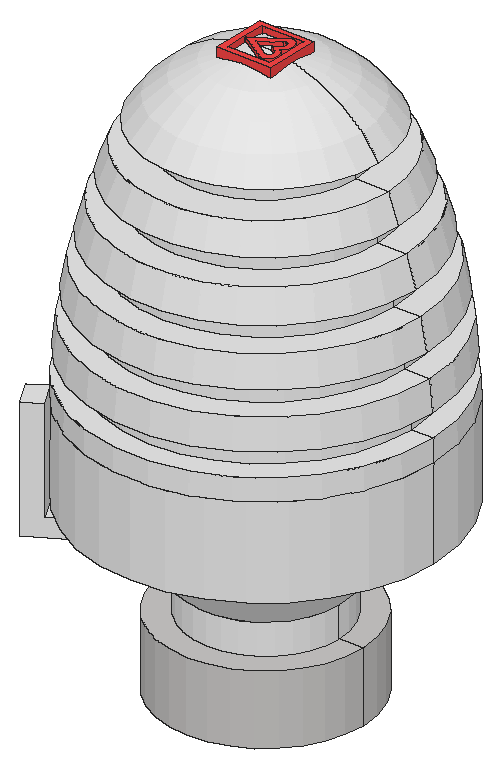
Revit family "HERZ-Design-Thermostatkopf M28x1.5 9230", category Rohrzubehör, Revit 2019
Family settings
  Bemaßung runder Anschluss = Durchmesser verwenden
  Teiletyp = Normal
  OmniClass-Nummer = 23.65.55.14
  OmniClass-Titel = Valves for Liquid Services
  Arbeitsebenenbasiert = Nein
  Immer vertikal = Nein
  Beim Laden mit Abzugskörper schneiden = Nein
  Gemeinsam genutzt = Nein
Parameters
  URL = "www.herz-armaturen.at"
  Sollwertbereich Frostsicherung = "6-30°C"  # constant formula
  Sollwertbereich = "0-30°C"  # constant formula
  S02 = 60.000 mm  # constant formula
  S01 = 90.000 mm  # constant formula
  Hersteller = "HERZ Armaturen Ges.m.b.H."  # constant formula
  Handrad = "Kunststoff, weiß"  # constant formula
  Funktionsweise = "Der HERZ-Thermostat dient als Fühl- und Regelelement. Durch die Volumsänderung der Flüssigkeitsfüllung im HERZHydrosensor wird die Schubspindel des Ventils bewegt."
  Frostsicherung = 6 °C  # constant formula
  Bestellnummer = 1923006  # constant formula
  Ausführungen = "Heizkörperthermostat mit Flüssigkeitsfühler (Hydrosensor)\r\nmit Stellung „0“, Frostsicherung einstellbar, mit Begrenzung und Blockierung des Sollwertbereiches.\r\nHandradfarbe weiß"
  Anwendungen = "Zur Montage auf allen HERZ-Ventilen, die für thermostatischen Betrieb eingerichtet sind."
Reference planes
  plane 1 "Mitte (Vorne/hinten)": y = 0
  plane 2: z = 0
  plane 3 "Mitte (Links/rechts)": x = 0
Forms (mm)
  Revolve 1, solid, material "Kunststoff weiß", detail levels fine
    sketch origin (0, 0, 0) x (1, 0, 0) y (0, 0, 1)
      loop
        line (0, 0) -> (0, 90)
        arc (0, 90) -> (-10.767, 87.197) -> (-18.8, 79.5) r 22.08
        arc (-18.8, 79.5) -> (-25.672, 59.356) -> (-28, 38.2) r 97.301
        line (-28, 38.2) -> (-28, 23.2) -> (-23.25, 23.2) -> (-23.25, 20.5) -> (-20.4, 20.5) -> (-20.4, 19.7) -> (-12.2, 11.5) -> (-12.2, 4.8) -> (-13.2, 4.8) -> (-13.2, 0) -> (0, 0)
      axis (0, 90) -> (0, 0)
    angle from 0 to 360
  Extrusion 2, solid, material "Kunststoff weiß", detail levels fine
    sketch origin (0, 0, 0) x (0.866025, 0.5, 0) y (0, 0, 1)
      loop
        line (-28.5, 36.04) -> (-31.75, 36.04) -> (-31.75, 16.2) -> (-20.85, 16.2) -> (-20.85, 20.5) -> (-23.25, 20.5) -> (-23.25, 21.5) -> (-24.578, 19.2) -> (-28.5, 19.2) -> (-28.5, 36.04)
    from 2.5 to -2.5
  Extrusion 3, solid, material "Kunststoff weiß", detail levels fine
    sketch origin (0, 0, 0) x (0, 1, 0) y (0, 0, 1)
      loop
        arc (0.75, 19.2) -> (1.987, 19.713) -> (2.5, 20.95) r 1.75
        line (2.5, 20.95) -> (2.5, 32.2) -> (-2.5, 32.2) -> (-2.5, 20.95)
        arc (-2.5, 20.95) -> (-1.987, 19.713) -> (-0.75, 19.2) r 1.75
        line (-0.75, 19.2) -> (0.75, 19.2)
    from 0 to -31.5
  Revolve 4, solid, material "Messing verzinkt", detail levels fine
    sketch origin (0, 0, 0) x (1, 0, 0) y (0, 0, 1)
      loop
        line (0, 0) -> (0, 6.5) -> (-16.25, 6.5) -> (-16.25, -5) -> (-14, -5) -> (-14, 0) -> (0, 0)
      axis (0, 6.5) -> (0, -5)
    angle from 0 to 360
  Revolve 5, void
    sketch origin (0, 0, 0) x (1, 0, 0) y (0, 0, 1)
      loop
        arc (-18.8, 79.5) -> (-19.64, 77.659) -> (-20.442, 75.8) r 97.301
        line (-20.442, 75.8) -> (-14.951, 75.8) -> (-14.951, 79.5) -> (-18.8, 79.5)
      loop
        line (-27.933, 41.8) -> (-24.226, 41.8) -> (-24.226, 45.5) -> (-27.726, 45.5)
        arc (-27.726, 45.5) -> (-27.847, 43.651) -> (-27.933, 41.8) r 97.301
      loop
        arc (-22.197, 71.3) -> (-22.843, 69.456) -> (-23.452, 67.6) r 97.301
        line (-23.452, 67.6) -> (-18.697, 67.6) -> (-18.697, 71.3) -> (-22.197, 71.3)
      loop
        arc (-24.865, 62.7) -> (-25.326, 60.854) -> (-25.751, 59) r 97.301
        line (-25.751, 59) -> (-21.365, 59) -> (-21.365, 62.7) -> (-24.865, 62.7)
      loop
        arc (-26.692, 54.1) -> (-26.98, 52.253) -> (-27.232, 50.4) r 97.301
        line (-27.232, 50.4) -> (-23.192, 50.4) -> (-23.192, 54.1) -> (-26.692, 54.1)
      axis (0, 79.5) -> (0, 41.8)
    angle from 0 to 360
Cuts and joins
  Revolve 5 cuts Revolve 1
Lines and regions (mm)
  model lines, detail levels coarse+medium
    curve 1: line (0, 0, 0) -> (0, 0, 30)
    curve 2: line (0, 0, 0) -> (30, 0, 0)
    curve 3: circle (0, 0, 60) r 30 normal (0, -1, 0)
    curve 4: circle (0, 0, 60) r 30 normal (1, 0, 0)
    curve 5: line (0, 0, 40) -> (0, 0, 80)
    curve 6: line (0, 17.5, 80) -> (0, -17.5, 80)
    curve 7: line (0, 0, 40) -> (0, 0, 80)
    curve 8: line (-17.5, 0, 80) -> (17.5, 0, 80)
    curve 9: circle (60, 0, 0) r 30 normal (0, 0, 1)
    curve 10: line (40, 0, 0) -> (80, 0, 0)
    curve 11: line (80, 17.5, 0) -> (80, -17.5, 0)
Dimensions and locks
  nested 1 to plane 2 = 89.000 mm
  "S01": curve 4 to plane 2
  "S01": curve 3 to plane 2
  "S01": plane 3 "Mitte (Links/rechts)" to curve 9
  "S02": diameter of curve 3
  "S02": diameter of curve 4
  "S02": diameter of curve 9
  aligned and locked: level to plane 2
Automatic sketch dimensions
  Revolve 1 sketch curve to level = 0.000 mm
  Revolve 1 sketch curve to plane 3 "Mitte (Links/rechts)" = 0.000 mm  (x2)
  Revolve 1 sketch curve to plane 3 "Mitte (Links/rechts)" = 12.200 mm
  Revolve 1 sketch curve to Revolve 1 sketch curve = 1.000 mm
  Revolve 1 sketch curve to Revolve 1 sketch curve = 8.200 mm  (x2)
  Revolve 1 sketch curve to Revolve 1 sketch curve = 2.850 mm
  Revolve 1 sketch curve to Revolve 1 sketch curve = 4.750 mm
  plane 3 "Mitte (Links/rechts)" to Revolve 1 sketch curve = 69.301 mm
  level to Revolve 1 sketch curve = 4.800 mm
  Revolve 1 sketch curve to Revolve 1 sketch curve = 6.700 mm
  Revolve 1 sketch curve to Revolve 1 sketch curve = 0.800 mm
  Revolve 1 sketch curve to Revolve 1 sketch curve = 2.700 mm
  Revolve 1 sketch curve to Revolve 1 sketch curve = 15.000 mm
  Revolve 1 sketch curve to Revolve 1 sketch curve = 29.720 mm
  Revolve 1 sketch curve to Revolve 1 sketch curve = 22.080 mm
  Revolve 1 sketch curve to level = 366.045 mm
  Revolve 1 sketch curve to Revolve 1 sketch curve = 0.000 mm
  level to Extrusion 2 sketch curve = 36.040 mm
  Extrusion 2 sketch curve to Extrusion 2 sketch curve = 3.250 mm
  Extrusion 2 sketch curve to Extrusion 2 sketch curve = 3.922 mm
  level to Extrusion 2 sketch curve = 21.500 mm
  Extrusion 2 sketch curve to Extrusion 2 sketch curve = 1.328 mm
  Extrusion 2 sketch curve to Extrusion 2 sketch curve = 3.728 mm
  Extrusion 2 sketch curve to Extrusion 2 sketch curve = 1.000 mm
  Extrusion 2 sketch curve to Extrusion 2 sketch curve = 1.300 mm
  Extrusion 2 sketch curve to Extrusion 2 sketch curve = 3.000 mm
  plane 1 "Mitte (Vorne/hinten)" to Extrusion 3 sketch curve = 2.500 mm
  plane 1 "Mitte (Vorne/hinten)" to Extrusion 3 sketch curve = 0.750 mm
  Extrusion 3 sketch curve to plane 1 "Mitte (Vorne/hinten)" = 0.750 mm
  Extrusion 3 sketch curve to plane 1 "Mitte (Vorne/hinten)" = 2.500 mm
  level to Extrusion 3 sketch curve = 19.200 mm
  Extrusion 3 sketch curve to Extrusion 3 sketch curve = 11.250 mm
  Revolve 4 sketch curve to level = 0.000 mm
  Revolve 4 sketch curve to plane 3 "Mitte (Links/rechts)" = 0.000 mm  (x2)
  Revolve 4 sketch curve to level = 5.000 mm
  Revolve 4 sketch curve to plane 3 "Mitte (Links/rechts)" = 14.000 mm
  Revolve 4 sketch curve to Revolve 4 sketch curve = 2.250 mm
  level to Revolve 4 sketch curve = 6.500 mm
  Revolve 4 sketch curve to Revolve 4 sketch curve = 361.045 mm
  Revolve 4 sketch curve to Revolve 4 sketch curve = 2207.815 mm
  Revolve 5 sketch curve to Revolve 5 sketch curve = 0.000 mm  (x20)
  Revolve 5 sketch curve to plane 3 "Mitte (Links/rechts)" = 0.000 mm
  Revolve 5 sketch curve to plane 3 "Mitte (Links/rechts)" = 14.951 mm
  Revolve 5 sketch curve to Revolve 5 sketch curve = 3.746 mm
  Revolve 5 sketch curve to Revolve 5 sketch curve = 3.849 mm
  Revolve 5 sketch curve to Revolve 5 sketch curve = 1.642 mm
  Revolve 5 sketch curve to Revolve 5 sketch curve = 2.668 mm
  Revolve 5 sketch curve to Revolve 5 sketch curve = 3.500 mm  (x4)
  Revolve 5 sketch curve to Revolve 5 sketch curve = 1.827 mm
  Revolve 5 sketch curve to Revolve 5 sketch curve = 1.255 mm
  Revolve 5 sketch curve to Revolve 5 sketch curve = 1.034 mm
  Revolve 5 sketch curve to Revolve 5 sketch curve = 0.886 mm
  Revolve 5 sketch curve to Revolve 5 sketch curve = 0.540 mm
  Revolve 5 sketch curve to Revolve 5 sketch curve = 0.208 mm
  level to Revolve 5 sketch curve = 38.200 mm
  plane 3 "Mitte (Links/rechts)" to Revolve 5 sketch curve = 69.301 mm
  level to Revolve 5 sketch curve = 41.800 mm
  Revolve 5 sketch curve to Revolve 5 sketch curve = 4.900 mm  (x3)
  Revolve 5 sketch curve to Revolve 5 sketch curve = 4.500 mm
  Revolve 5 sketch curve to level = 366.045 mm
  Revolve 5 sketch curve to Revolve 5 sketch curve = 2134.815 mm
  curve 5 to plane 1 "Mitte (Vorne/hinten)" = 0.000 mm
  curve 4 to plane 1 "Mitte (Vorne/hinten)" = 0.000 mm
  plane 1 "Mitte (Vorne/hinten)" to curve 6 = 17.500 mm
  curve 5 to curve 6 = 17.500 mm
  curve 5 to curve 4 = 20.000 mm
  curve 4 to curve 6 = 20.000 mm
  curve 3 to plane 3 "Mitte (Links/rechts)" = 0.000 mm
  curve 7 to plane 3 "Mitte (Links/rechts)" = 0.000 mm
  curve 1 to plane 3 "Mitte (Links/rechts)" = 0.000 mm
  curve 1 to level = 0.000 mm
  curve 8 to curve 7 = 17.500 mm
  plane 3 "Mitte (Links/rechts)" to curve 8 = 17.500 mm
  curve 1 to curve 7 = 10.000 mm
  curve 3 to curve 8 = 20.000 mm
  plane 1 "Mitte (Vorne/hinten)" to curve 2 = 0.000 mm
  curve 2 to plane 3 "Mitte (Links/rechts)" = 0.000 mm
  plane 1 "Mitte (Vorne/hinten)" to curve 10 = 0.000 mm
  plane 1 "Mitte (Vorne/hinten)" to curve 9 = 0.000 mm
  curve 2 to curve 10 = 10.000 mm
  curve 9 to curve 11 = 20.000 mm
  curve 11 to curve 10 = 17.500 mm
  curve 11 to plane 1 "Mitte (Vorne/hinten)" = 17.500 mm
Nested families
  nested 1: "Herz-Logo" at (0, 0, 89) x (0, -1, 0) z (0, 0, 1), type "Herz-Logo", detail levels fine
Definition of nested family "Herz-Logo"
  Reference planes
    plane 1 "Mitte (Vorne/hinten)": y = 0
    plane 2: z = 0
    plane 3 "Mitte (Links/rechts)": x = 0
  Forms (mm)
    Extrusion 1, solid
      sketch origin (0, 0, 0) x (1, 0, 0) y (0, 1, 0)
        loop
          line (-0.018, -4.517) -> (4.482, -4.517) -> (4.482, 4.483) -> (-4.518, 4.483) -> (-4.518, -4.517) -> (-0.018, -4.517)
        loop
          line (-0.05, -3.48) -> (3.482, -3.48) -> (3.482, 3.483) -> (-3.518, 3.483) -> (-3.518, -3.48) -> (-0.05, -3.48)
        loop
          arc (-0.018, 2.383) -> (-1.543, 3.287) -> (-3.067, 2.383) r 1.738
          arc (-3.067, 2.383) -> (-3.191, 1.899) -> (-3.067, 1.415) r 1.009
          line (-3.067, 1.415) -> (-0.018, -3.281) -> (3.032, 1.415)
          arc (3.032, 1.415) -> (3.156, 1.899) -> (3.032, 2.383) r 1.009
          arc (3.032, 2.383) -> (1.507, 3.287) -> (-0.018, 2.383) r 1.738
        loop
          arc (1.885, 1.272) -> (2.005, 1.675) -> (1.885, 2.079) r 0.74
          arc (1.885, 2.079) -> (1.265, 2.416) -> (0.644, 2.079) r 0.74
          line (0.644, 2.079) -> (-0.018, 0.97) -> (-0.679, 2.079)
          arc (-0.679, 2.079) -> (-1.3, 2.416) -> (-1.921, 2.079) r 0.74
          arc (-1.921, 2.079) -> (-2.04, 1.675) -> (-1.921, 1.272) r 0.74
          line (-1.921, 1.272) -> (-0.018, -1.658) -> (1.885, 1.272)
      from 0 to 1.5
  Dimensions and locks
    aligned and locked: level to plane 2
